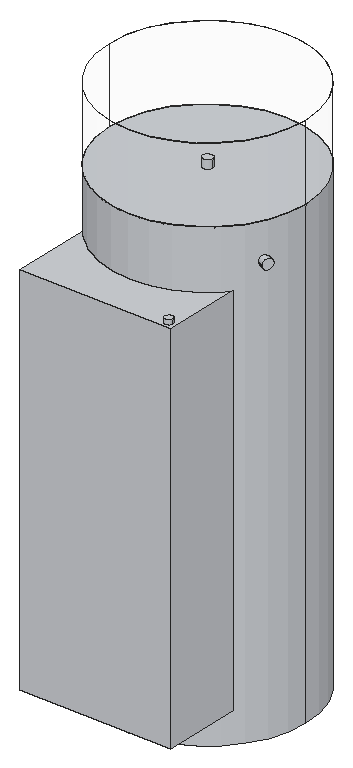
Revit family
Parameters (values of type "HS(Voltage)54 080 3 Phase")
  Wattage = KW * 1000 VA  # 54000 VA
  Water inlet length = Radius + 1"  # 13 3/4"
  VOLTAGE = 208 V
  Total Amps = KW * 1000 V / 1.73 / VOLTAGE  # 150.0667
  Top Clearance = 9 3/4"
  SES BIM Studio # = "201264902-42.1"
  URL = "http://www.lochinvar.com/products/Default.aspx?type=ProductLine&lineID=30"
  Panel Width = B_DIAMETER - 6"  # 19 1/2"
  Panel Depth = 13 7/8"
  Number of Poles = 3
  Model = "HS (X) 54 080"
  Manufacturer = "Lochinvar"
  MODEL NO. = "HS (Voltage) 54 080"
  KW = 54
  GALLON CAPACITY = "80"
  C_OVERALL DEPTH = 31"
  CONTINUOUS DELIVERY (GPH) = "221"
  B_DIAMETER = Radius * 2  # 25 1/2"
  A_HEIGHT = 60 1/4"
  Description = ""
  Fuel Type = ""
  Radius = 12 3/4"
  # OF ELEMENTS = "9"
Types (14): name | Wattage | Total Amps | Model | MODEL NO. | KW | CONTINUOUS DELIVERY (GPH) | # OF ELEMENTS
  (no name) | 54000 VA | 150.0667 | "HS (X) 54 080" | "HS (Voltage) 54 080" | 54 | "221" | "9"
  HS(Voltage)18 080 3 Phase | 18000 VA | 50.0222 | "HS (X) 18 080" | "HS (Voltage) 18 080" | 18 | "74" | "3"
  HS(Voltage)06 080 3 Phase | 6000 VA | 16.6741 | "HS (X) 6 080" | "HS (Voltage) 6 080" | 6 | "25" | "3"
  HS(Voltage)09 080 3 Phase | 9000 VA | 25.0111 | "HS (X) 9 080" | "HS (Voltage) 9 080" | 9 | "37" | "3"
  HS(Voltage)12 080 3 Phase | 12000 VA | 33.3482 | "HS (X) 12 080" | "HS (Voltage) 12 080" | 12 | "49" | "3"
  HS(Voltage)13.5 080 3 Phase | 13500 VA | 37.5167 | "HS (X) 13.5 080" | "HS (Voltage) 13.5 080" | 13.5 | "55" | "3"
  HS(Voltage)15 080 3 Phase | 15000 VA | 41.6852 | "HS (X) 15 080" | "HS (Voltage) 15 080" | 15 | "61" | "3"
  HS(Voltage)24 080 3 Phase | 24000 VA | 66.6963 | "HS (X) 24 080" | "HS (Voltage) 24 080" | 24 | "98" | "6"
  HS(Voltage)27 080 3 Phase | 27000 VA | 75.0333 | "HS (X) 27 080" | "HS (Voltage) 27 080" | 27 | "111" | "6"
  HS(Voltage)30 080 3 Phase | 30000 VA | 83.3704 | "HS (X) 30 080" | "HS (Voltage) 30 080" | 30 | "123" | "6"
  HS(Voltage)36 080 3 Phase | 36000 VA | 100.0445 | "HS (X) 36 080" | "HS (Voltage) 36 080" | 36 | "148" | "6"
  HS(Voltage)40 080 3 Phase | 40000 VA | 111.1605 | "HS (X) 40 080" | "HS (Voltage) 40 080" | 40 | "166" | "9"
  HS(Voltage)45 080 3 Phase | 45000 VA | 125.0556 | "HS (X) 50 080" | "HS (Voltage) 50 080" | 45 | "194" | "9"
  HS(Voltage)54 080 3 Phase | 54000 VA | 150.0667 | "HS (X) 54 080" | "HS (Voltage) 54 080" | 54 | "221" | "9"
Reference planes (in)
  plane 1 "Center (Front/Back)": y = 6.125
  plane 2: z = 0
  plane 3 "Center (Left/Right)": x = -1.39218
  plane 4 "Top": z = 60.25
  plane 5 "Top Clearance": z = 70
  plane 6 "Panel right": x = 8.35782
  plane 7 "Panel left": x = -11.14218
  plane 8 "Panel Face": y = -12.125
  plane 9: y = 18.875
  plane 10 "Panel top": z = 52.75
  plane 11 "Panel bottom": z = 4
  plane 12 "Water inlet anchor": through (-1.39218, 6.125, 48) normal (-0.9063, 0.4226, 0)
  plane 13 "Water inlet end": through (11.06955, 0.314, 48) normal (-0.9063, 0.4226, 0)
  plane 14: through (-1.39218, 6.125, 48) normal (-0.9063, -0.4226, 0)
  plane 15: through (-13.85391, 0.314, 48) normal (-0.9063, -0.4226, 0)
  plane 16: z = 5.25
  plane 17 "Control Panel Face": y = -11.375
Forms (in)
  Extrusion 1, solid
    sketch origin (0, 0, 0) x (1, 0, 0) y (0, 1, 0)
      loop
        circle (-1.39218, 6.125) r 12.75
    from 0 to 60.25
  Extrusion 2, solid, material "Clearance"
    sketch origin (0, 0, 60.25) x (-1, 0, 0) y (0, -1, 0)
      loop
        circle (1.39218, -6.125) r 12.75
    from 0 to 9.75
  Extrusion 3, solid
    sketch origin (-1.39218, 0, 0) x (0, 1, 0) y (0, 0, 1)
      loop
        line (6.125, 4) -> (6.125, 52.75) -> (-12.125, 52.75) -> (-12.125, 4) -> (6.125, 4)
    from 9.75 to -9.75
  Extrusion 4, solid
    sketch origin (0, 0, 60.25) x (-1, 0, 0) y (0, -1, 0)
      loop
        circle (1.39218, -6.125) r 0.625
    from 0 to 1
  Extrusion 5, solid
    sketch origin (0, 0, 52.75) x (-1, 0, 0) y (0, -1, 0)
      loop
        circle (-7.35782, 11.125) r 0.5
    from 0 to 0.5
  Extrusion 6, solid
    sketch origin (-4.99757, -2.51609, -1.07813) x (-0.422618, -0.906308, 0) y (0, 0, 1)
      loop
        circle (-9.35519, 6.3358) r 0.625
    from 0.38429 to -11.49071
  Extrusion 7, solid
    sketch origin (-0.30555, -3.58256, -1.07813) x (0.422618, -0.906308, 0) y (0, 0, -1)
      loop
        circle (-9.25727, -6.3358) r 0.625
    from 3.11777 to -10.63223
  Extrusion 8, solid
    sketch origin (-4.99757, -2.51609, 44.92188) x (-0.422618, -0.906308, 0) y (0, 0, 1)
      loop
        circle (-9.35519, 10.8358) r 0.625
    from 0.38429 to -13.36571
Lines and regions (in)
  model lines, style "MechanicalEquipment"
    curve 1: line (-7.26718, -12.125, 49.75) -> (4.48282, -12.125, 49.75)
    curve 2: line (4.48282, -12.125, 49.75) -> (4.48282, -12.125, 46.75)
    curve 3: line (-7.26718, -12.125, 46.75) -> (4.48282, -12.125, 46.75)
    curve 4: line (-7.26718, -12.125, 49.75) -> (-7.26718, -12.125, 46.75)
Dimensions and locks (in)
  "A_HEIGHT": plane 4 "Top" to level
  "Top Clearance": plane 5 "Top Clearance" to plane 4 "Top"
  equal spacing: plane 7 "Panel left", plane 3 "Center (Left/Right)", plane 6 "Panel right"
  "Panel Width": plane 7 "Panel left" to plane 6 "Panel right"
  "Radius": plane 9 to Extrusion 3
  "C_OVERALL DEPTH": plane 8 "Panel Face" to plane 9
  locked: plane 11 "Panel bottom" to plane 2 at 4
  "Water inlet length": plane 12 "Water inlet anchor" to plane 13 "Water inlet end"
  "Water inlet length": plane 14 to plane 15
  locked: plane 8 "Panel Face" to plane 17 "Control Panel Face" at 0.75
  "Radius": radius of Extrusion 1 sketch curve
  "Radius": radius of Extrusion 2 sketch curve
  aligned and locked: plane 4 "Top" to Extrusion 1
  aligned and locked: plane 5 "Top Clearance" to Extrusion 2
  aligned and locked: plane 6 "Panel right" to Extrusion 3
  aligned and locked: Extrusion 3 to plane 7 "Panel left"
  aligned and locked: plane 8 "Panel Face" to Extrusion 3
  aligned and locked: Extrusion 3 to plane 1 "Center (Front/Back)"
  aligned and locked: plane 10 "Panel top" to Extrusion 3
  aligned and locked: Extrusion 3 to plane 11 "Panel bottom"
  aligned and locked: Extrusion 7 to plane 15
  aligned and locked: Extrusion 8 to plane 13 "Water inlet end"
Automatic sketch dimensions
  plane 1 "Center (Front/Back)" to Extrusion 1 sketch curve = 0"
  Extrusion 1 sketch curve to plane 3 "Center (Left/Right)" = 0"
  plane 1 "Center (Front/Back)" to Extrusion 2 sketch curve = 0"
  Extrusion 2 sketch curve to plane 3 "Center (Left/Right)" = 0"
  Extrusion 3 sketch curve to plane 8 "Panel Face" = 0"
  Extrusion 3 sketch curve to plane 1 "Center (Front/Back)" = 0"
  Extrusion 3 sketch curve to plane 11 "Panel bottom" = 0"
  Extrusion 3 sketch curve to plane 10 "Panel top" = 0"
  plane 1 "Center (Front/Back)" to Extrusion 4 sketch curve = 0"
  Extrusion 4 sketch curve to plane 3 "Center (Left/Right)" = 0"
  Extrusion 5 sketch curve to plane 17 "Control Panel Face" = 1/4"
  Extrusion 5 sketch curve to plane 6 "Panel right" = 1"
  plane 16 to Extrusion 6 sketch curve = 0.00768"
  Extrusion 7 sketch curve to plane 16 = 0.00768"
  plane 7 "Panel left" to curve 4 = 3 7/8"
  curve 3 to plane 6 "Panel right" = 3 7/8"
  curve 3 to plane 10 "Panel top" = 6"
  curve 2 to plane 10 "Panel top" = 3"
  Extrusion 8 sketch curve to plane 4 "Top" = 4.49232"
  radius of Extrusion 4 sketch curve = 5/8"
  radius of Extrusion 5 sketch curve = 1/2"
  radius of Extrusion 6 sketch curve = 5/8"
  radius of Extrusion 7 sketch curve = 5/8"
  radius of Extrusion 8 sketch curve = 5/8"
Connectors (in)
  piping at (-1.39218, 6.125, 61.25)
    settings: on Extrusion 4, index 1, connector radius 5/8", flow factor 0, pipe flow 0 GPM, pressure drop 0.00 psi, fitting loss kfactor 0, connector angle 0.00°, fixture units 0, flow configuration 0, flow direction 0, fitting loss method 0, system type 19, connector reference index -1, connector utility 0, adjustable connector no, is connector primary yes, fitting loss table "", connector description "Water Outlet"
  piping at (-13.85391, 0.314, 5.25768)
    settings: on Extrusion 7, index 5, connector radius 3/8", flow factor 0, pipe flow 0 GPM, pressure drop 0.00 psi, fitting loss kfactor 0, connector angle 0.00°, fixture units 0, flow configuration 1, flow direction 2, fitting loss method 0, system type 16, connector reference index -1, connector utility 0, adjustable connector no, is connector primary no, fitting loss table "", connector description ""
  piping at (9.37023, 1.10641, 5.25768)
    settings: on Extrusion 6, index 6, connector radius 5/8", flow factor 0, pipe flow 0 GPM, pressure drop 0.00 psi, fitting loss kfactor 0, connector angle 0.00°, fixture units 0, flow configuration 0, flow direction 1, fitting loss method 0, system type 20, connector reference index -1, connector utility 0, adjustable connector no, is connector primary no, fitting loss table "", connector description "Water Inlet"
  electrical at (7.35782, -11.125, 53.25), driven by "Wattage", driven by "VOLTAGE", driven by "Number of Poles"
    settings: on Extrusion 5, index 7, voltage 208 V, apparent load 54000 VA, apparent load phase1 0 VA, apparent load phase2 0 VA, apparent load phase3 0 VA, power factor 1, load classification "Other", number of poles 3, system type 30, power factor state 1, is connector primary yes, connector utility no, sub classification motor no, connector description "Electrical"
